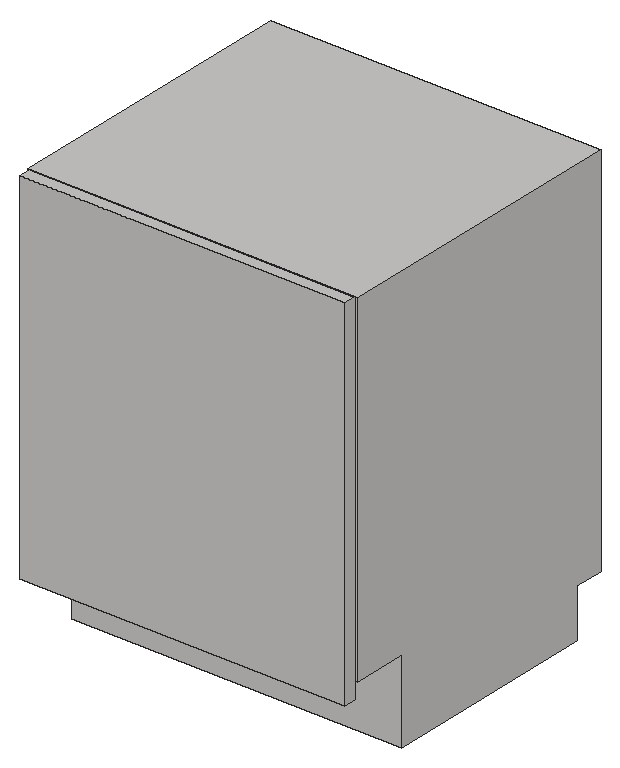
Revit family "DF211700", category Generic Models, Revit 2015
Parameters (values of type "DF211700")
  Width = 598 mm
  URL = "http://www.gaggenau.com."
  Model = "DF211700"
  Manufacturer = "Gaggenau"
  Height = 775 mm
  Fridge = Metal Panel
  Door = Metal Panel
  Description = "Gaggenau Dishwasher 400 series fully integrated Tall tub, appliance height 34 ⅛\""
  Depth = 550 mm
Reference planes
  plane 1 "Center (Front/Back)": y = 0
  plane 2: z = 0
  plane 3 "Center (Left/Right)": x = 0
  plane 4: x = -299
  plane 5: x = 299
  plane 6: z = 775
  plane 7: z = 152
  plane 8: z = 89
  plane 9: z = 20
  plane 10: y = 275
  plane 11: y = -275
  plane 12: y = -297
Forms (mm)
  Extrusion 1, solid, material "Metal Panel" <- "Fridge"
    sketch origin (0, 0, 0) x (0, 1, 0) y (0, 0, 1)
      loop
        line (275, 89) -> (275, 775) -> (-275, 775) -> (-275, 152) -> (-175, 152) -> (-175, 0) -> (222, 0) -> (222, 89) -> (275, 89)
    from -299 to 299
  Extrusion 2, solid, material "Metal Panel" <- "Door"
    sketch origin (0, 0, 0) x (0, 1, 0) y (0, 0, 1)
      loop
        line (-297, 775) -> (-297, 120) -> (-275, 120) -> (-275, 775) -> (-297, 775)
    from -295.471 to 293.529
Dimensions and locks
  "Width": plane 4 to plane 5
  equal spacing: plane 4, plane 3 "Center (Left/Right)", plane 5
  "Height": plane 6 to level
  plane 7 to plane 2 = 152 mm
  plane 6 to plane 7 = 623 mm
  equal spacing: plane 10, plane 1 "Center (Front/Back)", plane 11
  "Depth": plane 10 to plane 11
  plane 10 to plane 11 = 550 mm
  aligned and locked: level to plane 2
  aligned and locked: plane 6 to Extrusion 2
Automatic sketch dimensions
  Extrusion 1 sketch curve to plane 6 = 0 mm
  Extrusion 1 sketch curve to plane 7 = 0 mm
  Extrusion 1 sketch curve to level = 0 mm
  Extrusion 1 sketch curve to plane 8 = 0 mm
  Extrusion 1 sketch curve to plane 10 = 0 mm
  Extrusion 1 sketch curve to plane 10 = 53 mm
  plane 11 to Extrusion 1 sketch curve = 0 mm
  Extrusion 2 sketch curve to plane 7 = 32 mm
  Extrusion 2 sketch curve to plane 11 = 22 mm
  plane 11 to Extrusion 2 sketch curve = 0 mm
  Extrusion 2 sketch curve to plane 6 = 0 mm
  plane 11 to Extrusion 1 sketch curve = 100 mm
